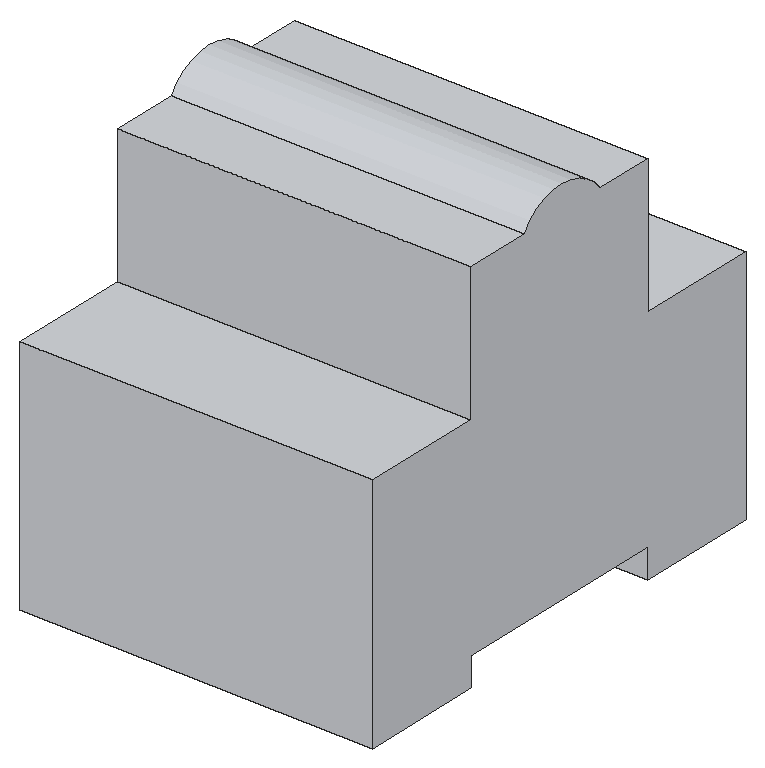
Revit family "Power-ModularDevices-GEWISS-90AM-SPD_TYPE2_3PN", category Apparecchi elettrici, host Superficie, Revit 2016
Family settings
  Host = Superficie
  Mantenere orientamento annotazione = Sì
  Tipo di parte = Normale
  Quota connettore circolare = Usa diametro
  Numero OmniClass = 23.80.50.00
  Titolo OmniClass = Terminals for Power Supply
  Taglio con vuoti quando caricato = No
  Condiviso = No
  Punto di calcolo locali = Sì
Parameters (values of type "GWD6420 - LST - SPD 3P+N 40KA AUX. T2")
  potenza in watt = 0 V
  carico = Altro
  Version file RFA = "18.0"
  URL = "https://www.gewiss.com/ww/en"
  Type: = "2"
  Type = "2"
  Technical sheet = "https://www.gewiss.com/ww/en/search?q=GWD6420"
  Spostamento_x = -340 mm
  SS [instance] = 69.967 mm
  SEO = "Limiter"
  Realized by GEWISS S.p.A. = ""
  Rated voltage AC = "400V"
  Rated voltage = "400Vac"
  Default Elevation = 1219.2 mm
  Produttore = "GEWISS S.p.A."
  Numero di poli = 1
  Spost_x_eff [instance] = 4000 mm + Spostamento_x  # 3660 mm
  Number of poles = "3P+N"
  No. of poles = "3P+N"
  No. of modules EN 50022 = "4"
  No. Chorus modules = "4"
  Modello = "GWD6420"
  Maximum discharge current: = "40KA"
  Immagine tipo = GWD6420.jpg
  IFC.TypeObject = ""
  IFC.ExportType = ""
  IFC.ExportAs = ""
  IDT = "85bb85a7-02e4-43ec-b182-c73c4bf8262c"
  IDF = "0c95a6d0-63f0-4ff1-9e15-2ee034f6c6a2"
  Electrocod = "0642"
  EAN code = "8011564775022"
  Descrizione = "LST - SPD 3P+N 40KA AUX. T2"
  Catalogue Range = "90 AM"
  Catalogue = "POWER"
  COBie.Tagnumber = ""
  COBie.CreatedOn = ""
  COBie.CreatebBy = ""
  COBie.ComponentRegisterItemID = ""
  COBie.Component.TagNumber = ""
  COBie.Component.Space = ""
  COBie.Component.SerialNumber = ""
  COBie.Component.InstallationDate = ""
  COBie.Component.Description = ""
  COBie.Component.BarCode = ""
  Barra_DIN [instance] = 0 mm
  Aux end-of-life contact = "Yes"
Types (4, lengths in mm): name | URL | Technical sheet | Produttore | Modello | Maximum discharge current: | Immagine tipo | IDT | EAN code | Descrizione | Aux end-of-life contact
  (no name) | 0 | "" | "GEWISS" | "GWD6409" | "" | GWD6409.jpg | "" | "" | "LST  -  SCARICATORE 3P+N 20kA T2" | ""
  GWD6420 - LST - SPD 3P+N 40KA AUX. T2 | "https://www.gewiss.com/ww/en" | "https://www.gewiss.com/ww/en/search?q=GWD6420" | "GEWISS S.p.A." | "GWD6420" | "40KA" | GWD6420.jpg | "85bb85a7-02e4-43ec-b182-c73c4bf8262c" | "8011564775022" | "LST - SPD 3P+N 40KA AUX. T2" | "Yes"
  GWD6419 - LST - SPD 3P+N 40KA T2 | "https://www.gewiss.com/ww/en" | "https://www.gewiss.com/ww/en/search?q=GWD6419" | "GEWISS S.p.A." | "GWD6419" | "40KA" | GWD6419.jpg | "14213646-bc90-40d1-a3c5-4c9ff722644c" | "8011564775015" | "LST - SPD 3P+N 40KA T2" | "No"
  GWD6409 - LST - SPD 3P+N 20KA T2 | "https://www.gewiss.com/ww/en" | "https://www.gewiss.com/ww/en/search?q=GWD6409" | "GEWISS S.p.A." | "GWD6409" | "20KA" | GWD6409.jpg | "eb2599f9-ac9e-412b-9632-25ca6ec28719" | "8011564774858" | "LST - SPD 3P+N 20KA T2" | "No"
Values of the unnamed type that differ from the named types
  Version file RFA = ""
  Type: = ""
  Type = ""
  SEO = ""
  Rated voltage AC = ""
  Rated voltage = ""
  Number of poles = ""
  No. of poles = ""
  No. of modules EN 50022 = ""
  No. Chorus modules = ""
  IDF = ""
  Electrocod = ""
  Catalogue Range = ""
  Catalogue = ""
Reference planes
  plane 1 "Centro (Fronte/Retro)": y = 0
  plane 2: z = 0
  plane 3 "Centro (Sinistra/Destra)": x = 0
  plane 4: z = 0
Dimensions and locks
  "Barra_DIN": host face to plane 4
  aligned and locked: plane 2 to host face
  aligned and locked: level to host face
  aligned and locked: plane 3 "Centro (Sinistra/Destra)" to nested 1
  aligned and locked: plane 1 "Centro (Fronte/Retro)" to nested 1
Automatic sketch dimensions
  host sketch curve to host sketch curve = 6519.2 mm
  host sketch curve to host sketch curve = 4328.142 mm
Nested families
  nested 1: "GENERICO - 90AM SCARICATORI LST TIPO 2 3P+N" at (0, 0, 7), type "GENERICO - 90AM SCARICATORI LST TIPO 2 3P+N"
  nested 2: "SCAR" at (0, 64.967, 0), type "SCAR"
Connectors
  electrical at (0, 47.5, 25.5)
    settings: on nested 1, index 1, voltage 400 V, apparent load 0 VA, apparent load phase1 0 VA, apparent load phase2 0 VA, apparent load phase3 0 VA, power factor 1, load classification "Altro", number of poles 1, system type 31, power factor state 1, is connector primary yes, connector utility no, sub classification motor no, connector description ""
Definition of nested family "GENERICO - 90AM SCARICATORI LST TIPO 2 3P+N"
  Parameters (values of type "GENERICO - 90AM SCARICATORI LST TIPO 2 3P+N")
    h_barra din = if(Altezza barre = 1 mm, 69.9 mm, if(Altezza barre = 2 mm, 115.8 mm, 0 mm))  # 0 mm
    Default Elevation = 1219.2 mm
    H = if(AB_O = 1, AB_V, if(AB_O = 2, AB_H, 50.8 mm))  # 50.8 mm
    Dist barra din = 0 mm  # constant formula
    C1 = 49 mm  # constant formula
    C = 70 mm  # constant formula
    B = 95 mm  # constant formula
    Altezza barre = 5 mm  # constant formula
    AB_V = 3 mm  # constant formula
    AB_H = 5 mm  # constant formula
    AB_O = 0  # constant formula
    A = 72 mm  # constant formula
  Reference planes
    plane 1 "Centro (Fronte/Retro)": y = 0
    plane 2: z = 0
    plane 3 "Centro (Sinistra/Destra)": x = 0
    plane 4: y = -47.5
    plane 5: y = 47.5
    plane 6: z = 0
    plane 7: z = -6
    plane 8 "top": z = 70
    plane 9 "incasso": z = 43
    plane 10: y = -22.5
    plane 11: y = 22.5
    plane 12: x = -36
    plane 13: x = 36
    plane 14: through (4267.2, -42.5, 9) normal (0, -0.1901, 0.9818)
    plane 15 "POSIZIONE": z = 71
    plane 16: y = 10.353
    plane 17: y = -8.889
    plane 18: through (-18, -1524, 18.5) normal (-0.891, 0, -0.454)
    plane 19: through (-36.892, 84.001, 1200) normal (0.9205, -0.3907, 0)
    plane 20: through (63.319, -123.627, 1200) normal (-0.9925, 0.1219, 0)
    plane 21: x = -18
    plane 22: x = 0
    plane 23: x = 18
  Forms (mm)
    Extrusion 1, solid
      sketch origin (0, 0, 0) x (0, 1, 0) y (0, 0, 1)
        loop
          line (-22.5, 0) -> (22.5, 0) -> (22.5, -6) -> (47.5, -6) -> (47.5, 43) -> (22.5, 43) -> (22.5, 71) -> (10.353, 71)
          arc (10.353, 71) -> (0.732, 76.023) -> (-8.889, 71) r 11.726
          line (-8.889, 71) -> (-22.5, 71) -> (-22.5, 43) -> (-47.5, 43) -> (-47.5, -6) -> (-22.5, -6) -> (-22.5, 0)
      from -36 to 36
  Lines and regions (mm)
    symbolic lines
      curve 1: line (0, 0, 15) -> (0, 0, -6)
      curve 2: line (0, -22.5, 0) -> (0, 22.5, 0)
    model lines, detail levels medium+fine
      curve 3: circle (27.419, 35.762, 43) r 3.324 normal (0, 0, 1)
      curve 4: circle (-8.5, -34.382, 43) r 3.197 normal (0, 0, 1)
      curve 90: line (13.842, 14.237, 71) -> (13.842, 18.61, 71)
      curve 91: line (13.842, 18.61, 71) -> (3.658, 18.61, 71)
      curve 92: line (3.658, 18.61, 71) -> (3.658, 14.237, 71)
      curve 93: line (3.658, 14.237, 71) -> (13.842, 14.237, 71)
      curve 100: circle (-27.209, 35.762, 43) r 3.324 normal (0, 0, 1)
      curve 105: circle (-9.209, 35.762, 43) r 3.324 normal (0, 0, 1)
      curve 106: circle (8.791, 35.762, 43) r 3.324 normal (0, 0, 1)
      curve 109: circle (27.419, -34.238, 43) r 3.324 normal (0, 0, 1)
      curve 110: circle (-27.209, -34.238, 43) r 3.324 normal (0, 0, 1)
      curve 111: circle (8.791, -34.238, 43) r 3.324 normal (0, 0, 1)
      curve 112: line (-4.158, 14.237, 71) -> (-4.158, 18.61, 71)
      curve 113: line (-4.158, 18.61, 71) -> (-14.342, 18.61, 71)
      curve 114: line (-14.342, 18.61, 71) -> (-14.342, 14.237, 71)
      curve 115: line (-14.342, 14.237, 71) -> (-4.158, 14.237, 71)
      curve 116: line (31.842, 14.237, 71) -> (31.842, 18.61, 71)
      curve 117: line (31.842, 18.61, 71) -> (21.658, 18.61, 71)
      curve 118: line (21.658, 18.61, 71) -> (21.658, 14.237, 71)
      curve 119: line (21.658, 14.237, 71) -> (31.842, 14.237, 71)
    model lines, detail levels fine
      curve 5: line (-33.038, -19.942, 71) -> (-33.038, -21.523, 71)
      curve 6: line (-33.038, -21.523, 71) -> (-33.568, -21.523, 71)
      curve 7: line (-33.568, -21.523, 71) -> (-33.875, -21.485, 71)
      curve 8: line (-33.875, -21.485, 71) -> (-34.251, -21.318, 71)
      curve 9: line (-34.251, -21.318, 71) -> (-34.549, -21.041, 71)
      curve 10: line (-34.549, -21.041, 71) -> (-34.747, -20.668, 71)
      curve 11: line (-34.747, -20.668, 71) -> (-34.808, -20.27, 71)
      curve 12: line (-34.808, -20.27, 71) -> (-34.749, -19.904, 71)
      curve 13: line (-34.749, -19.904, 71) -> (-34.59, -19.58, 71)
      curve 14: line (-34.59, -19.58, 71) -> (-34.305, -19.285, 71)
      curve 15: line (-34.305, -19.285, 71) -> (-33.961, -19.106, 71)
      curve 16: line (-33.961, -19.106, 71) -> (-33.573, -19.042, 71)
      curve 17: line (-33.573, -19.042, 71) -> (-33.038, -19.042, 71)
      curve 18: line (-33.038, -19.042, 71) -> (-33.038, -19.724, 71)
      curve 19: line (-33.038, -19.724, 71) -> (-33.938, -19.724, 71)
      curve 20: line (-33.938, -19.724, 71) -> (-33.938, -20.842, 71)
      curve 21: line (-33.938, -20.842, 71) -> (-33.719, -20.842, 71)
      curve 22: line (-33.719, -20.842, 71) -> (-33.719, -19.942, 71)
      curve 23: line (-33.719, -19.942, 71) -> (-33.038, -19.942, 71)
      curve 24: line (-30.898, -21.523, 71) -> (-32.82, -21.523, 71)
      curve 25: line (-32.82, -21.523, 71) -> (-32.82, -19.042, 71)
      curve 26: line (-32.82, -19.042, 71) -> (-31.798, -19.042, 71)
      curve 27: line (-31.798, -19.042, 71) -> (-31.798, -19.724, 71)
      curve 28: line (-31.798, -19.724, 71) -> (-32.139, -19.724, 71)
      curve 29: line (-32.139, -19.724, 71) -> (-32.139, -19.942, 71)
      curve 30: line (-32.139, -19.942, 71) -> (-30.898, -19.942, 71)
      curve 31: line (-30.898, -19.942, 71) -> (-30.898, -20.624, 71)
      curve 32: line (-30.898, -20.624, 71) -> (-32.138, -20.624, 71)
      curve 33: line (-32.138, -20.624, 71) -> (-32.138, -20.842, 71)
      curve 34: line (-32.138, -20.842, 71) -> (-30.898, -20.842, 71)
      curve 35: line (-30.898, -20.842, 71) -> (-30.898, -21.523, 71)
      curve 36: line (-27.422, -21.523, 71) -> (-27.422, -19.942, 71)
      curve 37: line (-27.422, -19.942, 71) -> (-28.104, -19.942, 71)
      curve 38: line (-28.104, -19.942, 71) -> (-28.104, -21.523, 71)
      curve 39: line (-28.104, -21.523, 71) -> (-27.422, -21.523, 71)
      curve 40: line (-29.705, -21.523, 71) -> (-29.501, -20.501, 71)
      curve 41: line (-29.501, -20.501, 71) -> (-29.296, -21.523, 71)
      curve 42: line (-29.296, -21.523, 71) -> (-28.615, -21.523, 71)
      curve 43: line (-28.615, -21.523, 71) -> (-28.192, -19.724, 71)
      curve 44: line (-28.192, -19.724, 71) -> (-27.422, -19.724, 71)
      curve 45: line (-27.422, -19.724, 71) -> (-27.422, -19.042, 71)
      curve 46: line (-27.422, -19.042, 71) -> (-28.731, -19.042, 71)
      curve 47: line (-28.731, -19.042, 71) -> (-28.976, -20.092, 71)
      curve 48: line (-28.976, -20.092, 71) -> (-29.146, -19.042, 71)
      curve 49: line (-29.146, -19.042, 71) -> (-29.855, -19.042, 71)
      curve 50: line (-29.855, -19.042, 71) -> (-30.026, -20.092, 71)
      curve 51: line (-30.026, -20.092, 71) -> (-30.271, -19.042, 71)
      curve 52: line (-30.271, -19.042, 71) -> (-31.58, -19.042, 71)
      curve 53: line (-31.58, -19.042, 71) -> (-31.58, -19.724, 71)
      curve 54: line (-31.58, -19.724, 71) -> (-30.809, -19.724, 71)
      curve 55: line (-30.809, -19.724, 71) -> (-30.388, -21.523, 71)
      curve 56: line (-30.388, -21.523, 71) -> (-29.705, -21.523, 71)
      curve 57: line (-25.282, -19.042, 71) -> (-27.204, -19.042, 71)
      curve 58: line (-27.204, -19.042, 71) -> (-27.204, -20.624, 71)
      curve 59: line (-27.204, -20.624, 71) -> (-25.963, -20.624, 71)
      curve 60: line (-25.963, -20.624, 71) -> (-25.963, -20.842, 71)
      curve 61: line (-25.963, -20.842, 71) -> (-27.204, -20.842, 71)
      curve 62: line (-27.204, -20.842, 71) -> (-27.204, -21.523, 71)
      curve 63: line (-27.204, -21.523, 71) -> (-25.282, -21.523, 71)
      curve 64: line (-25.282, -21.523, 71) -> (-25.282, -19.942, 71)
      curve 65: line (-25.282, -19.942, 71) -> (-26.522, -19.942, 71)
      curve 66: line (-26.522, -19.942, 71) -> (-26.522, -19.724, 71)
      curve 67: line (-26.522, -19.724, 71) -> (-25.282, -19.724, 71)
      curve 68: line (-25.282, -19.724, 71) -> (-25.282, -19.042, 71)
      curve 69: line (-25.064, -19.042, 71) -> (-25.064, -20.624, 71)
      curve 70: line (-25.064, -20.624, 71) -> (-23.907, -20.624, 71)
      curve 71: line (-23.907, -20.624, 71) -> (-23.907, -20.842, 71)
      curve 72: line (-23.907, -20.842, 71) -> (-25.064, -20.842, 71)
      curve 73: line (-25.064, -20.842, 71) -> (-25.064, -21.523, 71)
      curve 74: line (-25.064, -21.523, 71) -> (-24.382, -21.523, 71)
      curve 75: line (-24.382, -21.523, 71) -> (-23.988, -21.397, 71)
      curve 76: line (-23.988, -21.397, 71) -> (-23.734, -21.231, 71)
      curve 77: line (-23.734, -21.231, 71) -> (-23.444, -20.874, 71)
      curve 78: line (-23.444, -20.874, 71) -> (-23.308, -20.474, 71)
      curve 79: line (-23.308, -20.474, 71) -> (-23.304, -20.119, 71)
      curve 80: line (-23.304, -20.119, 71) -> (-23.341, -19.942, 71)
      curve 81: line (-23.341, -19.942, 71) -> (-24.382, -19.942, 71)
      curve 82: line (-24.382, -19.942, 71) -> (-24.382, -19.724, 71)
      curve 83: line (-24.382, -19.724, 71) -> (-23.434, -19.724, 71)
      curve 84: line (-23.434, -19.724, 71) -> (-23.557, -19.518, 71)
      curve 85: line (-23.557, -19.518, 71) -> (-23.735, -19.334, 71)
      curve 86: line (-23.735, -19.334, 71) -> (-23.981, -19.172, 71)
      curve 87: line (-23.981, -19.172, 71) -> (-24.239, -19.078, 71)
      curve 88: line (-24.239, -19.078, 71) -> (-24.529, -19.042, 71)
      curve 89: line (-24.529, -19.042, 71) -> (-25.064, -19.042, 71)
    model lines, not visible, detail levels medium+fine
      curve 94: line (5.092, 14.237, 71) -> (5.092, 18.61, 71)
      curve 95: line (5.092, 18.61, 71) -> (-5.092, 18.61, 71)
      curve 96: line (-5.092, 18.61, 71) -> (-5.092, 14.237, 71)
      curve 97: line (-5.092, 14.237, 71) -> (5.092, 14.237, 71)
    model lines
      curve 98: line (0, -8.889, 71) -> (0, -22.5, 71)
      curve 99: line (0, 22.5, 71) -> (0, 10.353, 71)
      curve 101: line (0, 47.5, 43) -> (0, 22.5, 43)
      curve 102: line (0, -22.5, 43) -> (0, -47.5, 43)
      curve 103: line (-18, 47.5, 43) -> (-18, 22.5, 43)
      curve 104: line (18, 47.5, 43) -> (18, 22.5, 43)
      curve 107: line (-18, -22.5, 43) -> (-18, -47.5, 43)
      curve 108: line (18, -22.5, 43) -> (18, -47.5, 43)
      curve 120: line (-18, 22.5, 71) -> (-18, 10.353, 71)
      curve 121: line (18, 22.5, 71) -> (18, 10.353, 71)
      curve 122: line (0, -8.889, 71) -> (0, -21.036, 71)
      curve 123: line (-18, -8.889, 71) -> (-18, -21.036, 71)
      curve 124: line (18, -8.889, 71) -> (18, -21.036, 71)
  Text (mm)
    text "AB_V" at (0, 50.868, 44.72), in view "Destra"
    text "AB_O" at (0, -80.659, 111.963), in view "Destra"
    text "AB_O" at (-90.351, 0, 31.414), in view "Anteriore"
    text "AB_V=0" at (25.467, -49.469, 0), in view "Livello rif."
  Dimensions and locks
    equal spacing: plane 4, plane 1 "Centro (Fronte/Retro)", plane 5
    "B": plane 4 to plane 5
    "Dist barra din": plane 6 to level
    locked: plane 6 to plane 7 at 6
    "C": plane 8 "top" to plane 6
    equal spacing: plane 10, plane 1 "Centro (Fronte/Retro)", plane 11
    plane 10 to plane 11 = 45 mm
    equal spacing: plane 12, plane 3 "Centro (Sinistra/Destra)", plane 13
    "A": plane 12 to plane 13
    "C1": plane 9 "incasso" to plane 7
    locked: plane 15 "POSIZIONE" to plane 9 "incasso" at 28
    angle level to plane 14 = 10.9557°
    angle plane 4 to plane 8 "top" = 90.00°
    angle plane 15 "POSIZIONE" to plane 13 = 90.00°
    angle plane 7 to plane 18 = 117.00°
    angle plane 19 to plane 20 = 16.00°
    angle plane 20 to plane 13 = 7.00°
    aligned and locked: level to plane 2
    aligned and locked: Extrusion 1 sketch curve to plane 6
    aligned and locked: Extrusion 1 sketch curve to plane 7
    aligned and locked: Extrusion 1 sketch curve to plane 4
    aligned and locked: Extrusion 1 sketch curve to plane 9 "incasso"  (x2)
    aligned and locked: Extrusion 1 sketch curve to plane 11  (x2)
    aligned and locked: Extrusion 1 sketch curve to plane 5
    aligned and locked: Extrusion 1 sketch curve to plane 10  (x2)
    aligned and locked: plane 1 "Centro (Fronte/Retro)" to curve 1
    aligned and locked: Extrusion 1 to plane 6
    aligned and locked: Extrusion 1 to plane 12
    aligned and locked: plane 13 to Extrusion 1
    aligned and locked: plane 15 "POSIZIONE" to Extrusion 1 sketch curve
    aligned and locked: Extrusion 1 sketch curve to plane 15 "POSIZIONE"
    aligned and locked: plane 17 to Extrusion 1 sketch curve
    aligned and locked: plane 16 to Extrusion 1 sketch curve
  Automatic sketch dimensions
    Extrusion 1 sketch curve to plane 7 = 0 mm
    plane 15 "POSIZIONE" to Extrusion 1 sketch curve = 6.703 mm
    curve 2 to level = 0 mm
    curve 2 to plane 10 = 0 mm
    curve 2 to plane 11 = 0 mm
    curve 1 to plane 7 = 0 mm
    level to curve 1 = 15 mm
    curve 101 to plane 3 "Centro (Sinistra/Destra)" = 0 mm
    curve 101 to plane 5 = 0 mm
    curve 103 to plane 5 = 0 mm
    curve 104 to plane 5 = 0 mm
    curve 103 to plane 11 = 0 mm
    curve 101 to plane 11 = 0 mm
    curve 104 to plane 11 = 0 mm
    curve 102 to plane 3 "Centro (Sinistra/Destra)" = 0 mm
    curve 102 to plane 10 = 0 mm
    curve 108 to plane 10 = 0 mm
    curve 107 to plane 10 = 0 mm
    curve 102 to plane 4 = 0 mm
    curve 108 to plane 4 = 0 mm
    curve 107 to plane 4 = 0 mm
    curve 107 to plane 21 = 0 mm
    curve 103 to plane 21 = 0 mm
    curve 104 to plane 23 = 0 mm
    curve 108 to plane 23 = 0 mm
    curve 106 to plane 5 = 11.738 mm
    curve 105 to plane 5 = 11.738 mm
    curve 3 to plane 5 = 11.738 mm
    curve 100 to plane 5 = 11.738 mm
    curve 110 to plane 10 = 11.738 mm
    curve 111 to plane 10 = 11.738 mm
    curve 109 to plane 10 = 11.738 mm
    curve 4 to plane 10 = 11.882 mm
    plane 12 to curve 100 = 8.791 mm
    plane 12 to curve 110 = 8.791 mm
    plane 21 to curve 105 = 8.791 mm
    curve 4 to plane 3 "Centro (Sinistra/Destra)" = 8.5 mm
    plane 3 "Centro (Sinistra/Destra)" to curve 106 = 8.791 mm
    plane 3 "Centro (Sinistra/Destra)" to curve 111 = 8.791 mm
    curve 3 to plane 13 = 8.581 mm
    curve 109 to plane 13 = 8.581 mm
    curve 123 to plane 21 = 0 mm
    plane 16 to curve 120 = 0 mm
    curve 120 to plane 21 = 0 mm
    curve 99 to plane 3 "Centro (Sinistra/Destra)" = 0 mm
    curve 98 to plane 3 "Centro (Sinistra/Destra)" = 0 mm
    curve 122 to plane 3 "Centro (Sinistra/Destra)" = 0 mm
    curve 121 to plane 11 = 0 mm
    curve 121 to plane 23 = 0 mm
    plane 17 to curve 124 = 0 mm
    curve 124 to plane 23 = 0 mm
    curve 98 to plane 10 = 0 mm
    plane 17 to curve 98 = 0 mm
    plane 17 to curve 123 = 0 mm
    plane 17 to curve 122 = 0 mm
    plane 16 to curve 99 = 0 mm
    plane 16 to curve 121 = 0 mm
    curve 120 to plane 11 = 0 mm
    curve 99 to plane 11 = 0 mm
    plane 10 to curve 80 = 2.381 mm
    curve 80 to plane 21 = 5.304 mm
    plane 10 to curve 79 = 2.026 mm
    curve 79 to curve 79 = 0.004 mm
    curve 81 to curve 79 = 0.037 mm
    curve 83 to curve 80 = 0.093 mm
    plane 10 to curve 77 = 1.626 mm
    curve 77 to curve 78 = 0.135 mm
    curve 84 to curve 83 = 0.123 mm
    plane 10 to curve 77 = 1.269 mm
    curve 77 to curve 77 = 0.291 mm
    curve 86 to curve 84 = 0.177 mm
    curve 72 to curve 76 = 0.172 mm
    curve 86 to curve 85 = 0.247 mm
    plane 10 to curve 75 = 1.103 mm
    curve 75 to curve 76 = 0.254 mm
    curve 87 to curve 87 = 0.258 mm
    curve 83 to curve 87 = 0.143 mm
    plane 10 to curve 75 = 0.977 mm
    curve 75 to curve 75 = 0.394 mm
    curve 88 to curve 87 = 0.29 mm
    curve 72 to curve 74 = 0.682 mm
    curve 89 to curve 88 = 0.535 mm
    curve 68 to curve 69 = 0.218 mm
    curve 65 to curve 67 = 0 mm
    curve 60 to curve 72 = 0.9 mm
    curve 67 to curve 59 = 0.559 mm
    curve 61 to curve 65 = 0.682 mm
    curve 59 to curve 61 = 0 mm
    curve 46 to curve 57 = 0.218 mm
    curve 36 to curve 62 = 0.218 mm
    curve 39 to curve 36 = 0.682 mm
    plane 10 to curve 43 = 2.776 mm
    curve 43 to curve 37 = 0.089 mm
    plane 10 to curve 43 = 0.977 mm
    curve 43 to curve 38 = 0.511 mm
    curve 46 to curve 43 = 0.538 mm
    plane 10 to curve 48 = 2.408 mm
    curve 48 to curve 43 = 0.784 mm
    curve 49 to curve 46 = 0.416 mm
    curve 42 to curve 42 = 0.682 mm
    plane 10 to curve 41 = 1.999 mm
    curve 41 to curve 47 = 0.525 mm
    curve 56 to curve 41 = 0.409 mm
    curve 49 to curve 48 = 0.709 mm
    plane 10 to curve 50 = 2.408 mm
    curve 50 to curve 40 = 0.525 mm
    curve 52 to curve 49 = 0.416 mm
    plane 10 to curve 55 = 0.977 mm
    curve 55 to curve 40 = 0.682 mm
    curve 54 to curve 50 = 0.784 mm
    curve 24 to curve 55 = 0.51 mm
    curve 31 to curve 54 = 0.089 mm
    curve 52 to curve 54 = 0.77 mm
    curve 28 to curve 53 = 0.218 mm
    curve 33 to curve 27 = 0.341 mm
    curve 30 to curve 27 = 0.341 mm
    curve 26 to curve 28 = 0.681 mm
    curve 23 to curve 29 = 0.899 mm
    curve 19 to curve 5 = 0 mm
    curve 6 to curve 5 = 0.53 mm
    curve 17 to curve 17 = 0.535 mm
    curve 22 to curve 5 = 0.681 mm
    plane 10 to curve 8 = 1.015 mm
    curve 8 to curve 6 = 0.307 mm
    curve 21 to curve 21 = 0.219 mm
    curve 16 to curve 16 = 0.388 mm
    curve 9 to curve 7 = 0.376 mm
    curve 14 to curve 15 = 0.345 mm
    curve 10 to curve 8 = 0.298 mm
    curve 13 to curve 14 = 0.285 mm
    curve 11 to curve 9 = 0.198 mm
    curve 13 to curve 13 = 0.159 mm
    curve 11 to curve 12 = 0.059 mm
    plane 10 to curve 24 = 0.977 mm
    curve 64 to curve 73 = 0 mm
    curve 36 to curve 62 = 0 mm
    curve 24 to curve 5 = 0 mm
    curve 7 to curve 8 = 0.166 mm
    curve 8 to curve 10 = 0.277 mm
    curve 8 to curve 20 = 0.477 mm
    curve 63 to curve 61 = 0.682 mm
    curve 76 to curve 71 = 0.39 mm
    curve 24 to curve 35 = 0.682 mm
    curve 9 to curve 10 = 0.373 mm
    curve 34 to curve 31 = 0.218 mm
    curve 60 to curve 59 = 0.218 mm
    curve 71 to curve 70 = 0.218 mm
    curve 10 to curve 12 = 0.398 mm
    curve 21 to curve 23 = 0.9 mm
    curve 36 to curve 44 = 0.218 mm
    curve 59 to curve 66 = 0.682 mm
    curve 70 to curve 82 = 0.682 mm
    curve 31 to curve 31 = 0.682 mm
    curve 11 to curve 12 = 0.367 mm
    curve 22 to curve 19 = 0.218 mm
    curve 30 to curve 55 = 0.218 mm
    curve 81 to curve 82 = 0.218 mm
    curve 65 to curve 66 = 0.218 mm
    curve 53 to curve 28 = 0 mm
    curve 12 to curve 14 = 0.323 mm
    curve 83 to curve 84 = 0.206 mm
    curve 84 to curve 86 = 0.184 mm
    curve 13 to curve 15 = 0.295 mm
    curve 85 to curve 87 = 0.162 mm
    curve 14 to curve 15 = 0.179 mm
    curve 87 to curve 88 = 0.094 mm
    curve 15 to curve 16 = 0.064 mm
    curve 67 to curve 68 = 0.682 mm
    curve 45 to curve 57 = 0 mm
    curve 53 to curve 53 = 0.682 mm
    curve 57 to curve 69 = 0 mm
    curve 26 to curve 52 = 0 mm
    curve 48 to curve 46 = 0 mm
    curve 98 to curve 122 = 1.464 mm
    plane 10 to curve 123 = 1.464 mm
    plane 10 to curve 124 = 1.464 mm
    curve 91 to curve 91 = 10.184 mm
    curve 92 to curve 92 = 4.373 mm
    curve 95 to curve 95 = 10.184 mm
    curve 96 to curve 96 = 4.373 mm
    curve 113 to curve 113 = 10.184 mm
    curve 114 to curve 114 = 4.373 mm
    curve 117 to curve 117 = 10.184 mm
    curve 118 to curve 118 = 4.373 mm
    radius of curve 3 = 3.324 mm
    radius of curve 4 = 3.197 mm
    radius of curve 100 = 3.324 mm
    radius of curve 105 = 3.324 mm
    radius of curve 106 = 3.324 mm
    radius of curve 109 = 3.324 mm
    radius of curve 110 = 3.324 mm
    radius of curve 111 = 3.324 mm
Definition of nested family "SCAR"
  Reference planes
    plane 1: y = 0
    plane 2: x = 0
  Lines and regions (mm)
    detail lines
      curve 1: line (0, 0, 0) -> (-0.001, 3.334, 0)
      curve 2: line (0.277, 3.334, 0) -> (-0.278, 3.334, 0)
      curve 3: line (-0.278, 3.334, 0) -> (-0.001, 4.223, 0)
      curve 4: line (-0.001, 4.223, 0) -> (0.277, 3.334, 0)
      curve 5: line (0.277, 3.334, 0) -> (-0.001, 4.223, 0)
      curve 6: line (-0.001, 4.223, 0) -> (-0.278, 3.334, 0)
      curve 7: line (-0.278, 3.334, 0) -> (0.277, 3.334, 0)
      curve 8: line (0.277, 3.334, 0) -> (-0.001, 4.223, 0)
      curve 9: line (-0.001, 4.223, 0) -> (-0.278, 3.334, 0)
      curve 10: line (-0.445, 4.612, 0) -> (0.444, 4.612, 0)
      curve 11: line (0.444, 4.612, 0) -> (0.444, 2.39, 0)
      curve 12: line (0.444, 2.39, 0) -> (-0.445, 2.389, 0)
      curve 13: line (-0.445, 2.389, 0) -> (-0.445, 4.612, 0)
    detail lines, not visible
      curve 14: line (0, 0, 0) -> (-0.001, 3.334, 0)
      curve 15: line (0.277, 3.334, 0) -> (-0.278, 3.334, 0)
      curve 16: line (-0.278, 3.334, 0) -> (-0.001, 4.223, 0)
      curve 17: line (-0.001, 4.223, 0) -> (0.277, 3.334, 0)
      curve 18: line (0.277, 3.334, 0) -> (-0.001, 4.223, 0)
      curve 19: line (-0.001, 4.223, 0) -> (-0.278, 3.334, 0)
      curve 20: line (-0.278, 3.334, 0) -> (0.277, 3.334, 0)
      curve 21: line (0.277, 3.334, 0) -> (-0.001, 4.223, 0)
      curve 22: line (-0.001, 4.223, 0) -> (-0.278, 3.334, 0)
      curve 23: line (-0.445, 4.612, 0) -> (0.444, 4.612, 0)
      curve 24: line (0.444, 4.612, 0) -> (0.444, 2.39, 0)
      curve 25: line (0.444, 2.39, 0) -> (-0.445, 2.389, 0)
      curve 26: line (-0.445, 2.389, 0) -> (-0.445, 4.612, 0)
  Dimensions and locks
    aligned and locked: plane 1 to curve 1
